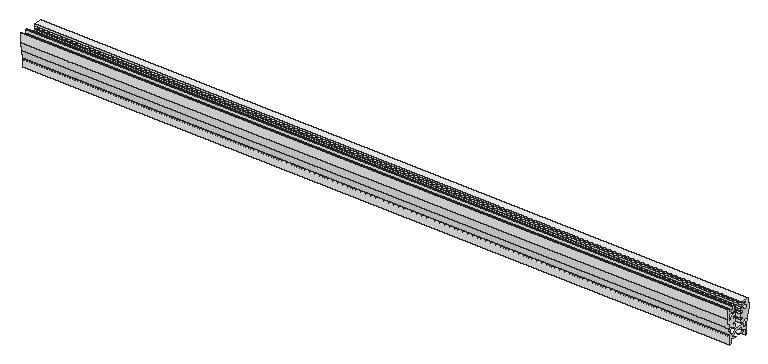
Revit family "2020761 Feilo Sylvania Lighting Fixtures LYTESPAN 3 1M TRACK SIL", category Lighting Fixtures, host Face, Revit 2017
Family settings
  Host = Face
  Round Connector Dimension = Use Diameter
  Part Type = Normal
  OmniClass Number = 23.80.70.00
  OmniClass Title = Lighting
  Cut with Voids When Loaded = No
  Light Source = No
  Shared = No
  Room Calculation Point = No
Parameters (values of type "2020761 LYTESPAN 3 1M TRACK SIL")
  _DistributedBy = "//www.feilosylvania.com/en-int/"
  _CurrentRevision = 1
  _CreatedBy = "http://www.feilosylvania.com/en-int/"
  _BimstoreBibleVersion = "15"
  _BimSpecGuid = 0
  _Author = "Viktoria Kollar"
  Weight = "0.91 kg"
  WarrantyStartDate [instance] = ""
  WarrantyGuarantorParts = "n/a"
  WarrantyDurationUnit = "n/a"
  WarrantyDurationParts = "n/a"
  WarrantyDescription = "n/a"
  URL = "http://www.sylvania-lighting.com"
  TypeName = "LYTESPAN 3 1M TRACK SIL"
  Type Image = 2020760.jpg
  Type Comments = "n/a"
  TransformerRequired = yes
  SerialNumber [instance] = ""
  NominalLength = 1000 mm
  NominalHeight = 45 mm
  NominalDepth = 37 mm
  Name = "LYTESPAN 3 1M TRACK SIL"
  NBSReference = "n/a"
  NBSOfficeMasterTag = "n/a"
  NBSObjectName = "n/a"
  NBSNote = "n/a"
  NBSDescription = "n/a"
  ModelReference = "LYTESPAN 3 1M TRACK SIL"
  ModelNumber = "2020761"
  Model = "LYTESPAN 3 1M TRACK SIL"
  ManufacturerName = "Feilo Sylvania"
  Manufacturer = "Feilo Sylvania"
  LuminaireType = ""
  Lamp = "LED"
  Keynote = "16500"
  InstallationDate [instance] = ""
  InputVoltage = "240V~"
  IfcExportType = "IfcLightFixtureType"
  IfcExportAs = "IfcLightFixtureType"
  Housing material = White aluminium
  ElectricShockClassification = "Class I"
  DocumentationLiterature = "http://www.sylvania-lighting.com/product/en-int/products/2020761"
  Description = "3 Circuit Track, compact venturi trunk profile, extruded aluminium body, suitable for surface mounting and suspending, (LxWxH) 1000x37x45mm, 0.91kg, Silver RAL 9006, Class 1, maximum installed load: 3x3680W (11040W), fuse: 3x16A, supply cable: 5 x 1.5mm², 400 VAC supply"
  Default Elevation = 0 mm
  CreatedOn = "14/11/2017"
  CreatedBy = ""
  Cost = 0
  Color = "Aluminium white"
  ClassificationValue = "EF_70_80"
  ClassificationName = "Uniclass2015"
  BarCode [instance] = ""
  BIMObjectName = "n/a"
  AssetType = "Fixed"
  AssetIdentifier [instance] = ""
  Assembly Code = "D5020200"
  Apparent Load = 0 VA
Reference planes
  plane 1 "Center (Front/Back)": y = 0
  plane 2: z = 0
  plane 3 "Center (Left/Right)": x = 0
  plane 4: x = -500
  plane 5: x = 500
  plane 6: z = 36.5
  plane 7: z = 18.5
  plane 8: z = 27.5
  plane 9: z = 30
  plane 10: z = 33
  plane 11: z = 45
  plane 12: z = 25
  plane 13: z = 22
  plane 14: y = 5.75
  plane 15: y = -5.75
  plane 16: y = 9.25
  plane 17: y = -9.25
  plane 18: y = 13.25
  plane 19: y = -13.25
  plane 20: y = -14.75
  plane 21: y = 14.75
  plane 22: y = 18.5
  plane 23: y = -18.5
  plane 24: z = 31
  plane 25: y = 16.55
  plane 26: y = -16.55
  plane 27: z = 38.7
  plane 28: y = 7
  plane 29: y = -7
  plane 30: z = 40.9
  plane 31: z = 43.1
Forms (mm)
  Extrusion 1, solid, material "White aluminium" <- "Housing material"
    sketch origin (0, 0, 45) x (0, 1, 0) y (0, 0, 1)
      loop
        line (14.75, -45) -> (14.75, -34.582) -> (16.616, -24) -> (18.5, -12) -> (18.5, 0) -> (7, 0) -> (7, -1.9) -> (13.25, -1.9) -> (13.25, -4.1) -> (7, -4.1) -> (7, -6.3) -> (16.55, -6.3) -> (16.55, -14) -> (13.25, -14) -> (13.25, -12) -> (9.25, -8.5) -> (5.75, -8.5) -> (5.75, -12) -> (9.25, -12) -> (9.25, -15) -> (5.75, -15) -> (5.75, -20) -> (9.25, -20) -> (9.25, -23) -> (5.75, -23) -> (5.75, -26.5) -> (9.25, -26.5) -> (13.25, -23) -> (15.119, -23) -> (15.119, -24) -> (13.383, -33.848) -> (9.529, -33.848) -> (9.529, -30) -> (-4.255, -30) -> (-9.75, -33.848) -> (-13, -33.848) -> (-15.119, -23.803) -> (-15.119, -23) -> (-13.25, -23) -> (-9.25, -26.5) -> (-5.75, -26.5) -> (-5.75, -23) -> (-9.25, -23) -> (-9.25, -20) -> (-5.75, -20) -> (-5.75, -15) -> (-9.25, -15) -> (-9.25, -12) -> (-5.75, -12) -> (-5.75, -8.5) -> (-9.25, -8.5) -> (-13.25, -12) -> (-13.25, -14) -> (-16.55, -14) -> (-16.55, -6.3) -> (-7, -6.3) -> (-7, 0) -> (-9.25, 0) -> (-9.25, -4.1) -> (-16.55, -4.1) -> (-16.55, 0) -> (-18.5, 0) -> (-18.5, -12) -> (-16.616, -24) -> (-14.75, -33.164) -> (-14.75, -45) -> (-13.25, -45) -> (-13.25, -35.764)
        arc (-13.25, -35.764) -> (-9.111, -38.754) -> (-4.329, -40.542) r 19.123
        line (-4.329, -40.542) -> (-4.329, -39.56)
        arc (-4.329, -39.56) -> (-7.777, -38.158) -> (-10.813, -36.003) r 16.148
        line (-10.813, -36.003) -> (-7.392, -36.003) -> (-3.107, -33) -> (7.392, -33) -> (7.392, -36.003) -> (10.813, -36.003)
        arc (10.813, -36.003) -> (7.777, -38.158) -> (4.329, -39.56) r 16.148
        line (4.329, -39.56) -> (4.329, -40.542)
        arc (4.329, -40.542) -> (9.111, -38.754) -> (13.25, -35.764) r 19.123
        line (13.25, -35.764) -> (13.25, -45) -> (14.75, -45)
    from -500 to 500
Dimensions and locks
  "NominalLength": plane 5 to plane 4
  equal spacing: plane 5, plane 3 "Center (Left/Right)", plane 4
  "NominalHeight": plane 11 to host face
  locked: plane 11 to plane 8 at 17.5
  locked: plane 6 to plane 7 at 18
  equal spacing: plane 6, plane 8, plane 7
  locked: plane 13 to plane 7 at 3.5
  locked: plane 6 to plane 10 at 3.5
  equal spacing: plane 9, plane 8, plane 12
  locked: plane 9 to plane 12 at 5
  equal spacing: plane 14, plane 1 "Center (Front/Back)", plane 15
  locked: plane 14 to plane 15 at 11.5
  equal spacing: plane 16, plane 1 "Center (Front/Back)", plane 17
  locked: plane 16 to plane 17 at 18.5
  equal spacing: plane 18, plane 1 "Center (Front/Back)", plane 19
  locked: plane 18 to plane 19 at 26.5
  "NominalDepth": plane 22 to plane 23
  aligned and locked: plane 2 to host face
  aligned and locked: level to host face
  aligned and locked: plane 6 to Extrusion 1  (x3)
  aligned and locked: plane 14 to Extrusion 1  (x3)
  aligned and locked: Extrusion 1 to plane 15  (x3)
  aligned and locked: Extrusion 1 to plane 10  (x2)
  aligned and locked: plane 9 to Extrusion 1  (x2)
  aligned and locked: Extrusion 1 to plane 12  (x2)
  aligned and locked: plane 13 to Extrusion 1  (x2)
  aligned and locked: Extrusion 1 to plane 7  (x2)
  aligned and locked: plane 18 to Extrusion 1
  aligned and locked: Extrusion 1 to plane 19
  aligned and locked: Extrusion 1 to plane 20
  aligned and locked: plane 21 to Extrusion 1
  aligned and locked: plane 25 to Extrusion 1
  aligned and locked: Extrusion 1 to plane 26
  aligned and locked: Extrusion 1 sketch curve to plane 27  (x2)
  aligned and locked: plane 26 to Extrusion 1 sketch curve
  aligned and locked: Extrusion 1 sketch curve to plane 26
  aligned and locked: Extrusion 1 sketch curve to plane 23
  aligned and locked: plane 11 to Extrusion 1 sketch curve  (x3)
  aligned and locked: plane 30 to Extrusion 1 sketch curve  (x2)
  aligned and locked: plane 17 to Extrusion 1 sketch curve
  aligned and locked: Extrusion 1 sketch curve to plane 29
  aligned and locked: plane 28 to Extrusion 1 sketch curve  (x2)
  aligned and locked: plane 18 to Extrusion 1 sketch curve
  aligned and locked: Extrusion 1 sketch curve to plane 31
  aligned and locked: Extrusion 1 sketch curve to plane 22
  aligned and locked: Extrusion 1 to plane 4
  aligned and locked: plane 5 to Extrusion 1
Automatic sketch dimensions
  host sketch curve to host sketch curve = 2438.4 mm  (x2)
  Extrusion 1 sketch curve to plane 24 = 0 mm  (x2)
  Extrusion 1 sketch curve to plane 13 = 0 mm  (x4)
  Extrusion 1 sketch curve to plane 20 = 0 mm
  Extrusion 1 sketch curve to plane 19 = 0 mm  (x3)
  Extrusion 1 sketch curve to plane 10 = 0 mm  (x6)
  Extrusion 1 sketch curve to level = 0 mm  (x2)
  Extrusion 1 sketch curve to plane 17 = 0 mm  (x4)
  Extrusion 1 sketch curve to plane 6 = 0 mm  (x2)
  Extrusion 1 sketch curve to plane 7 = 0 mm  (x2)
  Extrusion 1 sketch curve to plane 9 = 0 mm  (x2)
  Extrusion 1 sketch curve to plane 15 = 0 mm  (x3)
  Extrusion 1 sketch curve to plane 12 = 0 mm  (x2)
  Extrusion 1 sketch curve to plane 14 = 0 mm  (x3)
  Extrusion 1 sketch curve to plane 16 = 0 mm  (x4)
  Extrusion 1 sketch curve to plane 18 = 0 mm  (x3)
  Extrusion 1 sketch curve to plane 21 = 0 mm
  Extrusion 1 sketch curve to plane 25 = 0 mm
  Extrusion 1 sketch curve to plane 26 = 0.066 mm
  plane 20 to Extrusion 1 sketch curve = 0.369 mm
  plane 19 to Extrusion 1 sketch curve = 0.25 mm
  Extrusion 1 sketch curve to plane 17 = 1.563 mm
  Extrusion 1 sketch curve to plane 17 = 0.5 mm
  Extrusion 1 sketch curve to plane 29 = 0.392 mm
  plane 15 to Extrusion 1 sketch curve = 1.421 mm
  plane 15 to Extrusion 1 sketch curve = 1.495 mm
  plane 15 to Extrusion 1 sketch curve = 2.643 mm
  Extrusion 1 sketch curve to plane 1 "Center (Front/Back)" = 0.082 mm
  Extrusion 1 sketch curve to plane 1 "Center (Front/Back)" = 0.01 mm
  plane 1 "Center (Front/Back)" to Extrusion 1 sketch curve = 0.01 mm
  plane 1 "Center (Front/Back)" to Extrusion 1 sketch curve = 0.082 mm
  Extrusion 1 sketch curve to plane 14 = 1.421 mm
  plane 28 to Extrusion 1 sketch curve = 0.392 mm
  plane 16 to Extrusion 1 sketch curve = 0.279 mm
  plane 16 to Extrusion 1 sketch curve = 1.563 mm
  plane 18 to Extrusion 1 sketch curve = 0.133 mm
  Extrusion 1 sketch curve to plane 21 = 0.369 mm
  plane 25 to Extrusion 1 sketch curve = 0.066 mm
  Extrusion 1 sketch curve to plane 13 = 1.104 mm
  Extrusion 1 sketch curve to Extrusion 1 sketch curve = 0 mm  (x2)
  plane 13 to Extrusion 1 sketch curve = 0.803 mm
  plane 13 to Extrusion 1 sketch curve = 1 mm  (x4)
  plane 7 to Extrusion 1 sketch curve = 3.5 mm
  Extrusion 1 sketch curve to Extrusion 1 sketch curve = 3 mm
  plane 7 to Extrusion 1 sketch curve = 6.664 mm
  Extrusion 1 sketch curve to Extrusion 1 sketch curve = 0.684 mm
  Extrusion 1 sketch curve to Extrusion 1 sketch curve = 3.848 mm
  Extrusion 1 sketch curve to Extrusion 1 sketch curve = 0.734 mm
  Extrusion 1 sketch curve to Extrusion 1 sketch curve = 1.181 mm
  Extrusion 1 sketch curve to Extrusion 1 sketch curve = 1.916 mm
  Extrusion 1 sketch curve to Extrusion 1 sketch curve = 2.155 mm
  Extrusion 1 sketch curve to Extrusion 1 sketch curve = 0.24 mm
Connectors
  electrical at (0, 0, 0)
    settings: on host face, index 1, voltage 0 V, apparent load 0 VA, apparent load phase1 0 VA, apparent load phase2 0 VA, apparent load phase3 0 VA, power factor 1, load classification "Other", number of poles 1, system type 31, power factor state 1, is connector primary yes, connector utility no, sub classification motor no, connector description ""
